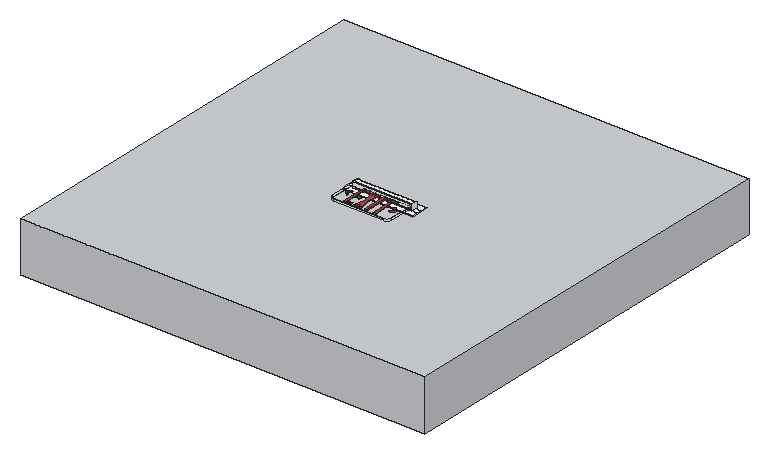
Revit family "LE_W", category Lighting Fixtures, host Face, Revit 2012
Parameters (values of type "LE-W")
  Wattage Comments = "2.2-5 W"
  Wattage = 5 W
  built-in parameter 1150110 = 1 (stored number, unit not read)
  URL = "http://www.dual-lite.com/"
  built-in parameter 1114217 = 1 (stored number, unit not read)
  built-in parameter 1150109 = 1 (stored number, unit not read)
  built-in parameter 1150134 = 3
  built-in parameter 1150113 = 1 (stored number, unit not read)
  Product Page URL = "http://www.dual-lite.com/products/lf_le/"
  Product Documentation Link = "http://www.dual-lite.com/content/products/specs/specs_files/dlt_le_specsht.pdf"
  Mounting = "Wall Mount"  # constant formula
  Model = "LE"  # constant formula
  Manufacturer Phone = "(864)-678-1000"  # constant formula
  Manufacturer Fax = "(864)-678-1415"  # constant formula
  Manufacturer = "Dual-Lite"  # constant formula
  built-in parameter 1150105 = 59.103 (stored number, unit not read)
  Lumens = 742.71 lm
  built-in parameter 1150115 = 1 (stored number, unit not read)
  Light Source Symbol Size = 0.250"
  built-in parameter 1150137 = (empty or 0)
  built-in parameter 1150139 = (empty or 0)
  Lettering = Red
  built-in parameter 1150112 = 1 (stored number, unit not read)
  built-in parameter 1150114 = 1 (stored number, unit not read)
  Lamp = "LED"  # constant formula
  built-in parameter 1150132 = (empty or 0)
  built-in parameter 1150102 = (empty or 0)
  built-in parameter 1150107 = 3200 (stored number, unit not read)
  built-in parameter 1150138 = (empty or 0)
  built-in parameter 1150106 = 0.59103 (stored number, unit not read)
  Glass = Glass
  Family = "Outdoor Emergency Lighting"  # constant formula
  Emit from Line Length = 13.000"
  built-in parameter 1150104 = 13.8 (stored number, unit not read)
  Dimming Lamp Color Temperature Shift = <None>
  Description = "Recessed Mounting Architectural Edge-Lit LED Exit Signs"  # constant formula
  Default Elevation = 48.000"
  Color Filter = 16777215
  built-in parameter 1114218 = 1 (stored number, unit not read)
  Backbox = White
  built-in parameter 1150133 = 10 (stored number, unit not read)
Reference planes (in)
  plane 1 "Center (Front/Back)": y = 0.03999
  plane 2: z = 0.06357
  plane 3 "Center (Left/Right)": x = 0
  plane 4: through (0, 4.17275, 0.82335) normal (0, -0.4384, 0.8988)
  plane 5: x = -8.375
  plane 6: y = 2.03999
  plane 7: x = 8.375
  plane 8: y = -1.96001
  plane 9: z = 7.56357
  plane 10: x = -7
  plane 11: x = 7
  plane 12: y = 0.78999
  plane 13: z = 1.61669
  plane 14: z = 0.24169
  plane 15: y = -3.96711
  plane 16: y = -3.96711
  plane 17: y = -0.71001
  plane 18: z = 1.27413
  plane 19: z = 0.92919
Forms (in)
  Extrusion 1, solid
    sketch origin (0, 0, 0.06357) x (1, 0, 0) y (0, 1, 0)
      loop
        line (-48, 48) -> (-48, -48) -> (48, -48) -> (48, 48) -> (-48, 48)
    from 0 to -12
  Extrusion 2, solid, material "White" <- "Backbox"
    sketch origin (0, 0.09709, 1.38993) x (0, 1, 0) y (0, 0, 1)
      loop
        line (0.4929, 0.22676) -> (-0.6071, 0.22676)
        arc (-0.6071, 0.22676) -> (-0.74852, 0.16818) -> (-0.8071, 0.02676) r 0.2
        line (-0.8071, 0.02676) -> (-0.8071, -0.94824)
        arc (-0.8071, -0.94824) -> (-0.74852, -1.08966) -> (-0.6071, -1.14824) r 0.2
        line (-0.6071, -1.14824) -> (0.4929, -1.14824)
        arc (0.4929, -1.14824) -> (0.63433, -1.08966) -> (0.6929, -0.94824) r 0.2
        line (0.6929, -0.94824) -> (0.6929, 0.02676)
        arc (0.6929, 0.02676) -> (0.63433, 0.16818) -> (0.4929, 0.22676) r 0.2
    from -7 to 7
  Extrusion 3, solid, material "Glass" <- "Glass"
    sketch origin (0, -7.86201, 0.92919) x (0, -1, 0) y (1, 0, 0)
      loop
        line (-7.152, -7) -> (-1.37754, -7)
        arc (-1.37754, -7) -> (-0.59556, -6.67609) -> (-0.27165, -5.89411) r 1.10589
        arc (-0.27165, -5.89411) -> (-0.04018, 0) -> (-0.27165, 5.89411) r 75.15963
        arc (-0.27165, 5.89411) -> (-0.59556, 6.67609) -> (-1.37754, 7) r 1.10589
        line (-1.37754, 7) -> (-7.152, 7) -> (-7.152, -7)
    from 0.25 to -0.25
  Extrusion 4, solid, material "Red" <- "Lettering"
    sketch origin (0.81146, 0.77509, 0.90416) x (0, 1, 0) y (-1, 0, 0)
      loop
        line (-7.32353, 4.26086) -> (-5.24161, 4.26086) -> (-5.24161, 3.07884) -> (-4.92704, 3.07884) -> (-4.61247, 3.07884) -> (-4.61247, 4.26086) -> (-2.53056, 4.26086) -> (-2.53056, 3.07884) -> (-2.03056, 3.07884) -> (-2.03056, 4.76086) -> (-4.92704, 4.76086) -> (-7.82353, 4.76086) -> (-7.82353, 3.07884) -> (-7.32353, 3.07884) -> (-7.32353, 4.26086)
      loop
        line (-7.82243, 2.47814) -> (-7.82243, 1.82285) -> (-7.03104, 1.53481) -> (-7.82243, 1.24677) -> (-7.82243, 0.59148) -> (-4.92704, 1.25993) -> (-2.03165, 0.59148) -> (-2.03165, 1.24677) -> (-2.82304, 1.53481) -> (-2.03165, 1.82285) -> (-2.03165, 2.47814) -> (-4.92704, 1.80969) -> (-7.82243, 2.47814)
      loop
        line (-7.82353, -0.17116) -> (-7.82353, -0.771) -> (-2.03165, -0.771) -> (-2.03165, -0.17116) -> (-7.82353, -0.17116)
      loop
        line (-2.68694, -3.61882) -> (-2.03165, -3.61882) -> (-2.03165, -1.36882) -> (-2.68694, -1.36882) -> (-2.68694, -2.15022) -> (-7.82353, -2.15022) -> (-7.82353, -2.75006) -> (-2.68694, -2.75006) -> (-2.68694, -3.61882)
    from 0.36997 to 0.27503
  Extrusion 5, solid, material "Red"
    sketch origin (-0.22623, -0.94342, 0.98414) x (0, -1, 0) y (1, 0, 0)
      loop
        line (3.79907, -4.97072) -> (3.79907, -4.58478) -> (3.02369, -5.36016) -> (2.24831, -4.58478) -> (2.24831, -4.97072) -> (3.02369, -5.7461) -> (3.79907, -4.97072)
      loop
        line (3.79907, 5.42318) -> (3.02369, 6.19856) -> (2.24831, 5.42318) -> (2.24831, 5.03724) -> (3.02369, 5.81262) -> (3.79907, 5.03724) -> (3.79907, 5.42318)
    from 0.28999 to 0.19505
  Extrusion 6, solid, material "White" <- "Backbox"
    sketch origin (0, 0, 7.62714) x (0, 1, 0) y (0, 0, 1)
      loop
        line (2.03999, -7.56357) -> (2.03999, -7.47461)
        arc (2.03999, -7.47461) -> (1.29749, -7.42897) -> (0.55618, -7.36686) r 33.54002
        arc (0.55618, -7.36686) -> (0.02184, -7.35387) -> (-0.51242, -7.37006) r 9.79246
        arc (-0.51242, -7.37006) -> (-1.23565, -7.43011) -> (-1.96001, -7.47449) r 33.54002
        line (-1.96001, -7.47449) -> (-1.96001, -7.56357) -> (2.03999, -7.56357)
    from -8.375 to 8.375
Dimensions and locks (in)
  locked: plane 5 to plane 3 "Center (Left/Right)" at 8.375
  locked: plane 7 to plane 3 "Center (Left/Right)" at 8.375
  locked: plane 6 to plane 1 "Center (Front/Back)" at 2
  locked: plane 8 to plane 1 "Center (Front/Back)" at 2
  locked: plane 9 to level at 7.5
  plane 5 to plane 10 to plane 3 "Center (Left/Right)" = 1.375", 7.000"
  plane 7 to plane 11 to plane 3 "Center (Left/Right)" = 1.375", 7.000"
  plane 1 "Center (Front/Back)" to plane 12 to plane 6 = 0.750", 1.250"
  plane 1 "Center (Front/Back)" to plane 8 = 2.000"
  plane 1 "Center (Front/Back)" to plane 12 to plane 6 = 0.750" locked, 1.250" locked
  locked: plane 13 to plane 14 at 1.375
  Extrusion 3 to plane 19 = 0.250"
  aligned and locked: plane 2 to Extrusion 1
  aligned and locked: Extrusion 2 to plane 10
  aligned and locked: Extrusion 2 to plane 11
  aligned and locked: Extrusion 4 sketch curve to Extrusion 4 sketch curve
  aligned and locked: Extrusion 5 sketch curve to plane 15  (x4)
  aligned and locked: plane 16 to Extrusion 5 sketch curve  (x4)
  aligned and locked: Extrusion 6 to level
  aligned and locked: level to plane 2
  aligned and locked: plane 14 to Extrusion 2
  aligned and locked: plane 13 to Extrusion 2
  aligned and locked: plane 17 to Extrusion 2
  aligned and locked: imposter light to Extrusion 2
  aligned and locked: Extrusion 3 to Extrusion 2
  aligned and locked: Extrusion 5 to Extrusion 3
  aligned and locked: Extrusion 4 to Extrusion 5
  aligned and locked: Extrusion 4 to Extrusion 3
  aligned and locked: Extrusion 3 to Extrusion 5
Connectors (in)
  electrical at (0, 0, 0.06357), driven by "Description"
    settings: index 1, voltage 0 V, apparent load 0 VA, apparent load phase1 0 VA, apparent load phase2 0 VA, apparent load phase3 0 VA, power factor 1, load classification "Other", number of poles 1, system type 30, power factor state 1, is connector primary yes, connector utility no, sub classification motor no, connector description "Recessed Mounting Architectural Edge-Lit LED Exit Signs"
